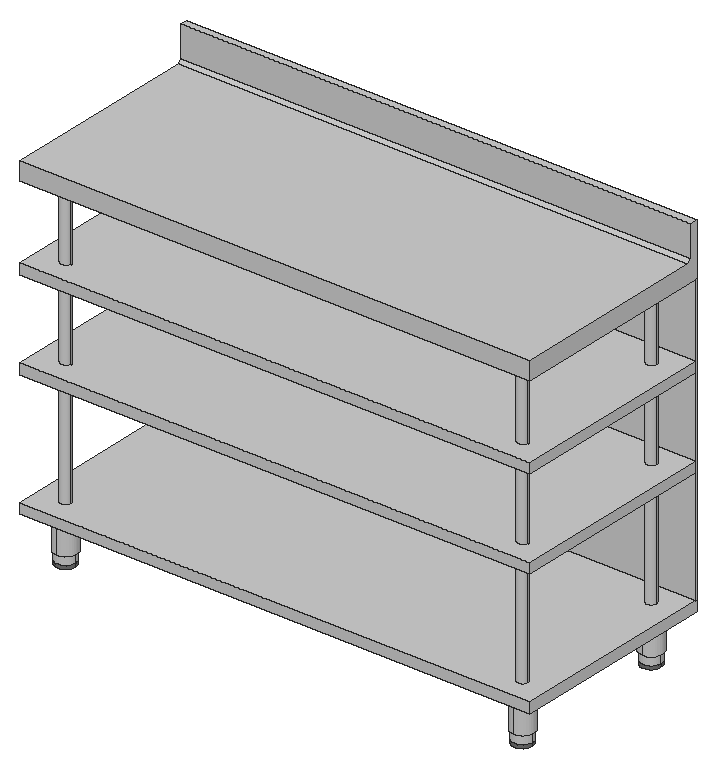
Revit family "QF_INFRICO_ME601500_250818010436", category Specialty Equipment, Revit 2021
Family settings
  Round Connector Dimension = Use Diameter
  Part Type = Normal
  OmniClass Number = 23.40.40.14
  OmniClass Title = Food Service Equipment
  Work Plane-Based = No
  Always vertical = Yes
  Cut with Voids When Loaded = No
  Shared = No
  Room Calculation Point = No
Parameters (values of type "ME601500")
  Weight [instance] = 73.00 kg
  Warranty Start Date [instance] = ""
  Warranty Duration [instance] = ""
  URL Recommended Spares List [instance] = ""
  URL Manufacturer [instance] = ""
  URL Cutsheet [instance] = ""
  URL Critical Spares List [instance] = ""
  URL = "www.infrico.com"
  Technical Documentation [instance] = ""
  Tag Number [instance] = ""
  Status [instance] = ""
  Specification by User [instance] = ""
  Specification by Manufacturer [instance] = ""
  Sound Level [instance] = ""
  Show Logo [instance] = yes
  Show Clearances [instance] = yes
  Service Life Duration [instance] = ""
  Serial Number [instance] = ""
  Seismic Rating [instance] = ""
  SMACNA No [instance] = ""
  Revision Code [instance] = ""
  Revision [instance] = ""
  Production Year [instance] = ""
  Point Load [instance] = 0
  Other Equipment Approvals [instance] = ""
  NAFEM Spec ID Number [instance] = ""
  Model Warning [instance] = ""
  Model = "ME601500"
  Masterspec [instance] = ""
  Manufacturer = "INFRICO"
  Length Actual [instance] = 1468 mm
  Item Number [instance] = ""
  Installed By [instance] = ""
  Installation Date [instance] = ""
  Identify Quantity as Lot [instance] = no
  ID [instance] = ""
  Hygiene Approval [instance] = ""
  Height Actual [instance] = 1050 mm
  Furnished By [instance] = ""
  Foodservice Equipment Identifier [instance] = no
  ETL Approved [instance] = no
  Description = "SHELF UNIT AND WORKING TABLE - ME SERIES"
  Depth Actual [instance] = 600 mm
  Default Elevation = 0 mm
  Cost = 0
  CSI MasterFormat [instance] = ""
  CE Approved [instance] = no
  Barcode [instance] = 0
  Author [instance] = ""
  Asset Identifier [instance] = ""
  Accessory [instance] = no
Reference planes
  plane 1 "Center (Front/Back)": y = 0
  plane 2: z = 0
  plane 3 "Center (Left/Right)": x = 0
Dimensions and locks
  aligned and locked: level to plane 2
Nested families
  nested 1: "QF_INFRICO_ME601500_2920" at (0, 0, 0), type "ME601500"
    with Weight 73.00 kg, Warranty Start Date "", Warranty Duration "", URL Cutsheet "", Technical Documentation "", Tag Number "", Status "", Specification by User "", Specification by Manufacturer "", Sound Level "", Solid Fuel Type "", Show Logo yes, Show Clearances yes, Show Clearance yes, Service Life Duration "", Serial Number "", Seismic Rating "", SMACNA No "", Revision Code "", Revision "", Production Year "", Point Load 0, Other Equipment Approvals "", NAFEM Spec ID Number "", Model Warning "", Masterspec "", Length Actual 1468 mm, Item Number "", Installed By "", Installation Date "", Identify Quantity as Lot yes, ID "", Hygiene Approval "", Height Actual 1050 mm, Furnished By "", Foodservice Equipment Identifier yes, ETL Approved yes, Depth Actual 600 mm, CSI MasterFormat "", CE Approved no, Barcode "", Author "", Asset Identifier "", Accessory no
  nested 2: "QF_INFRICO_WORKTOP_BACKSPLASH_3811" at (0, 0, 990), type "BKSP15_60"
    with Weight 0.00 kg, Warranty Start Date "", Warranty Duration "", URL Cutsheet "", Technical Documentation "", Tag Number "", Status "", Specification by User "", Specification by Manufacturer "", Sound Level "", Solid Fuel Type "", Show Logo yes, Show Clearances yes, Show Clearance yes, Service Life Duration "", Serial Number "", Seismic Rating "", SMACNA No "", Revision Code "", Revision "", Production Year "", Point Load 0, Other Equipment Approvals "", NAFEM Spec ID Number "", Model Warning "", Masterspec "", Length Actual 1468 mm, Item Number "", Installed By "", Installation Date "", Identify Quantity as Lot yes, ID "", Hygiene Approval "", Height Actual 150 mm, Furnished By "", Foodservice Equipment Identifier yes, ETL Approved yes, Depth Actual 600 mm, CSI MasterFormat "", CE Approved no, Barcode "", Author "", Asset Identifier "", Accessory yes
Definition of nested family "QF_INFRICO_ME601500_2920"
  Parameters (values of type "ME601500")
    Weight [instance] = 0.00 kg
    Warranty Start Date [instance] = ""
    Warranty Duration [instance] = ""
    URL Cutsheet [instance] = ""
    URL = "www.infrico.com"
    Technical Documentation [instance] = ""
    Tag Number [instance] = ""
    Status [instance] = ""
    Specification by User [instance] = ""
    Specification by Manufacturer [instance] = ""
    Sound Level [instance] = ""
    Solid Fuel Type [instance] = ""
    Show Logo [instance] = yes
    Show Clearances [instance] = yes
    Show Clearance [instance] = yes
    Service Life Duration [instance] = ""
    Serial Number [instance] = ""
    Seismic Rating [instance] = ""
    SMACNA No [instance] = ""
    Revision Code [instance] = ""
    Revision [instance] = ""
    Production Year [instance] = ""
    Point Load [instance] = 0
    Other Equipment Approvals [instance] = ""
    NAFEM Spec ID Number [instance] = ""
    Model Warning [instance] = ""
    Model = "ME601500"
    Masterspec [instance] = ""
    Manufacturer = "INFRICO"
    Length Actual [instance] = 0 mm
    Item Number [instance] = ""
    Installed By [instance] = ""
    Installation Date [instance] = ""
    Identify Quantity as Lot [instance] = yes
    ID [instance] = ""
    Hygiene Approval [instance] = ""
    Height Actual [instance] = 0 mm
    Furnished By [instance] = ""
    Foodservice Equipment Identifier [instance] = yes
    ETL Approved [instance] = yes
    Description = "SHELF UNIT AND WORKING TABLE - ME SERIES"
    Depth Actual [instance] = 0 mm
    Default Elevation = 0 mm
    CSI MasterFormat [instance] = ""
    CE Approved [instance] = yes
    Barcode [instance] = ""
    Author [instance] = ""
    Asset Identifier [instance] = ""
    Assembly Code = "E1090320"
    Accessory [instance] = yes
  Reference planes
    plane 1 "Back": y = 0
    plane 2: z = 0
    plane 3 "Left": x = 0
    plane 4 "Right": x = 1468
    plane 5 "Front": y = -600
    plane 6 "Top": z = 990
  Forms (mm)
    Extrusion 1, solid
      sketch origin (-1970.077, 409.342, 162.208) x (1, 0, 0) y (0, 1, 0)
        loop
          circle (2046.064, -477.342) r 15
      from -2.208 to 827.792
    Extrusion 2, solid
      sketch origin (-2000, 0, 130) x (0, 1, 0) y (0, 0, 1)
        loop
          line (0, 0) -> (0, 30) -> (-600, 30) -> (-600, 0) -> (0, 0)
      from 2000 to 3468
    Extrusion 3, solid
      sketch origin (-654.064, 409.342, 162.208) x (1, 0, 0) y (0, 1, 0)
        loop
          circle (2046.064, -477.342) r 15
      from -2.208 to 827.792
    Extrusion 4, solid
      sketch origin (-1970.077, -53.658, 162.208) x (1, 0, 0) y (0, 1, 0)
        loop
          circle (2046.064, -477.342) r 15
      from -2.208 to 827.792
    Extrusion 5, solid
      sketch origin (-654.064, -53.658, 162.208) x (1, 0, 0) y (0, 1, 0)
        loop
          circle (2046.064, -477.342) r 15
      from -2.208 to 827.792
    Extrusion 6, solid
      sketch origin (1144.499, 0, 130) x (0, 1, 0) y (0, 0, 1)
        loop
          line (0, 30) -> (0, 860) -> (-2, 860) -> (-2, 30) -> (0, 30)
      from -1144.499 to 323.501
    Extrusion 7, solid
      sketch origin (-123.986, 49, 130) x (0, 1, 0) y (-1, 0, 0)
        loop
          line (-530, -154.986) -> (-630, -154.986) -> (-630, -244.986) -> (-530, -244.986) -> (-530, -154.986)
      from 0 to -3
    Extrusion 8, solid
      sketch origin (-123.986, 49, 0) x (1, 0, 0) y (0, 1, 0)
        loop
          circle (199.986, -580) r 28
      from 9 to 35
    Extrusion 9, solid
      sketch origin (-123.986, 49, 0) x (1, 0, 0) y (0, 1, 0)
        loop
          circle (199.986, -580) r 28.5
      from 0 to 9
    Sweep 10, solid
      path origin (-123.986, 49, 0) x (0, 1, 0) y (0, 0, 1)
        loop
          line (-580, 35) -> (-580, 127)
      profile origin (-123.986, -531, 81) x (0, -1, 0) y (1, 0, 0)
        loop
          circle (0, 199.986) r 32
    Extrusion 11, solid
      sketch origin (-123.986, 512, 130) x (0, 1, 0) y (-1, 0, 0)
        loop
          line (-530, -154.986) -> (-630, -154.986) -> (-630, -244.986) -> (-530, -244.986) -> (-530, -154.986)
      from 0 to -3
    Extrusion 12, solid
      sketch origin (-123.986, 512, 0) x (1, 0, 0) y (0, 1, 0)
        loop
          circle (199.986, -580) r 28
      from 9 to 35
    Extrusion 13, solid
      sketch origin (-123.986, 512, 0) x (1, 0, 0) y (0, 1, 0)
        loop
          circle (199.986, -580) r 28.5
      from 0 to 9
    Sweep 14, solid
      path origin (-123.986, 512, 0) x (0, 1, 0) y (0, 0, 1)
        loop
          line (-580, 35) -> (-580, 127)
      profile origin (-123.986, -68, 81) x (0, -1, 0) y (1, 0, 0)
        loop
          circle (0, 199.986) r 32
    Extrusion 15, solid
      sketch origin (1152.027, 49, 130) x (0, 1, 0) y (-1, 0, 0)
        loop
          line (-530, -194.986) -> (-630, -194.986) -> (-630, -284.986) -> (-530, -284.986) -> (-530, -194.986)
      from 0 to -3
    Extrusion 16, solid
      sketch origin (1152.027, 49, 0) x (1, 0, 0) y (0, 1, 0)
        loop
          circle (239.986, -580) r 28
      from 9 to 35
    Extrusion 17, solid
      sketch origin (1152.027, 49, 0) x (1, 0, 0) y (0, 1, 0)
        loop
          circle (239.986, -580) r 28.5
      from 0 to 9
    Sweep 18, solid
      path origin (1592.027, 49, 0) x (0, -1, 0) y (0, 0, 1)
        loop
          line (580, 35) -> (580, 127)
      profile origin (1592.027, -531, 81) x (0, 1, 0) y (-1, 0, 0)
        loop
          circle (0, 199.986) r 32
    Extrusion 19, solid
      sketch origin (1152.027, 512, 130) x (0, 1, 0) y (-1, 0, 0)
        loop
          line (-530, -194.986) -> (-630, -194.986) -> (-630, -284.986) -> (-530, -284.986) -> (-530, -194.986)
      from 0 to -3
    Extrusion 20, solid
      sketch origin (1152.027, 512, 0) x (1, 0, 0) y (0, 1, 0)
        loop
          circle (239.986, -580) r 28
      from 9 to 35
    Extrusion 21, solid
      sketch origin (1152.027, 512, 0) x (1, 0, 0) y (0, 1, 0)
        loop
          circle (239.986, -580) r 28.5
      from 0 to 9
    Sweep 22, solid
      path origin (1592.027, 12, 0) x (0, -1, 0) y (0, 0, 1)
        loop
          line (80, 35) -> (80, 127)
      profile origin (1592.027, -68, 81) x (0, 1, 0) y (-1, 0, 0)
        loop
          circle (0, 199.986) r 32
    Extrusion 23, solid
      sketch origin (-2000, 0, 490) x (0, 1, 0) y (0, 0, 1)
        loop
          line (0, 0) -> (0, 30) -> (-600, 30) -> (-600, 0) -> (0, 0)
      from 2000 to 3468
    Extrusion 24, solid
      sketch origin (-2000, 0, 748) x (0, 1, 0) y (0, 0, 1)
        loop
          line (0, 0) -> (0, 30) -> (-600, 30) -> (-600, 0) -> (0, 0)
      from 2000 to 3468
  Lines and regions (mm)
    symbolic lines
      curve 1: line (0, 0, 0) -> (0, -600, 0)
      curve 2: line (0, -600, 0) -> (1468, -600, 0)
      curve 3: line (1468, -600, 0) -> (1468, 0, 0)
      curve 4: line (1468, 0, 0) -> (0, 0, 0)
  Dimensions and locks
    plane 3 "Left" to plane 4 "Right" = 1468 mm
    plane 1 "Back" to plane 5 "Front" = 600 mm  (x2)
    plane 4 "Right" to plane 3 "Left" = 1468 mm
    plane 6 "Top" to level = 990 mm  (x2)
    aligned and locked: level to plane 2
Definition of nested family "QF_INFRICO_WORKTOP_BACKSPLASH_3811"
  Parameters (values of type "ENC12CPMC10")
    Weight [instance] = 0.00 kg
    Warranty Start Date [instance] = ""
    Warranty Duration [instance] = ""
    URL Cutsheet [instance] = ""
    URL = "www.infrico.com"
    Technical Documentation [instance] = ""
    Tag Number [instance] = ""
    Status [instance] = ""
    Specification by User [instance] = ""
    Specification by Manufacturer [instance] = ""
    Sound Level [instance] = ""
    Solid Fuel Type [instance] = ""
    Show Logo [instance] = yes
    Show Clearances [instance] = yes
    Show Clearance [instance] = yes
    Service Life Duration [instance] = ""
    Serial Number [instance] = ""
    Seismic Rating [instance] = ""
    SMACNA No [instance] = ""
    Revision Code [instance] = ""
    Revision [instance] = ""
    Production Year [instance] = ""
    Point Load [instance] = 0
    Other Equipment Approvals [instance] = ""
    NAFEM Spec ID Number [instance] = ""
    Model Warning [instance] = ""
    Model = "ENC12CPGN19"
    Masterspec [instance] = ""
    Manufacturer = "INFRICO"
    Length Actual [instance] = 0 mm
    Length = 1000 mm
    Item Number [instance] = ""
    Installed By [instance] = ""
    Installation Date [instance] = ""
    Identify Quantity as Lot [instance] = yes
    ID [instance] = ""
    Hygiene Approval [instance] = ""
    Height Actual [instance] = 0 mm
    Furnished By [instance] = ""
    Foodservice Equipment Identifier [instance] = yes
    ETL Approved [instance] = yes
    Description = "WORKTOP WITH BACKSPLASH"
    Depth Actual [instance] = 0 mm
    Depth = 600 mm
    Default Elevation = 0 mm
    CSI MasterFormat [instance] = ""
    CE Approved [instance] = yes
    Barcode [instance] = ""
    Author [instance] = ""
    Asset Identifier [instance] = ""
    Assembly Code = "E1090320"
    Accessory [instance] = yes
  Types (30, lengths in mm): name | Model | Length | Description | Depth
    ENC12CPGN19 | "ENC12CPGN19" | 1960 | "WORKTOP WITH BACKSPLASH" | 700
    ENC12CPGN14 | "ENC12CPGN14" | 1468 | "WORKTOP WITH BACKSPLASH" | 700
    ENC12CPGN24 | "ENC12CPGN24" | 2452 | "WORKTOP WITH BACKSPLASH" | 700
    ENC12CPGN14R | "ENC12CPGN14R" | 1160 | "WORKTOP WITH BACKSPLASH" | 700
    ENC12CPGN19R | "ENC12CPGN19R" | 1652 | "WORKTOP WITH BACKSPLASH" | 700
    ENC12CPGN24R | "ENC12CPGN24R" | 2144 | "WORKTOP WITH BACKSPLASH" | 700
    ENC12CPBM20 | "ENC12CPBM20" | 1960 | "WORKTOP WITH BACKSPLASH" | 600
    ENC12CPBM15 | "ENC12CPBM15" | 1468 | "WORKTOP WITH BACKSPLASH" | 600
    ENC12CPBM25 | "ENC12CPBM25" | 2452 | "WORKTOP WITH BACKSPLASH" | 600
    ENC12CPBM15R | "ENC12CPBM15R" | 1160 | "WORKTOP WITH BACKSPLASH" | 600
    ENC12CPBM20R | "ENC12CPBM20R" | 1652 | "WORKTOP WITH BACKSPLASH" | 600
    ENC12CPBM25R | "ENC12CPBM25R" | 2144 | "WORKTOP WITH BACKSPLASH" | 600
    ENC12CPME10 | "ENC12CPME10" | 978 | "WORKTOP WITH BACKSPLASH" | 700
    ENC12CPME14 | "ENC12CPME14" | 1460 | "WORKTOP WITH BACKSPLASH" | 700
    ENC12CPMC8 | "ENC12CPGN19" | 820 | "WORKTOP WITH BACKSPLASH" | 600
    ENC12CPMC10 | "ENC12CPGN19" | 1000 | "WORKTOP WITH BACKSPLASH" | 600
    ENC12CPMC15 | "ENC12CPGN19" | 1468 | "WORKTOP WITH BACKSPLASH" | 600
    BKSP10_30 | "BKSP10_30" | 1000 | "WORKTOP WITH BACKSPLASH 1000_300" | 300
    BKSP15_60 | "BKSP15_60" | 1468 | "WORKTOP WITH BACKSPLASH 1500_600" | 600
    BKSP15_30 | "BKSP15_30" | 1468 | "WORKTOP WITH BACKSPLASH 1500_300" | 300
    BKSP20_30 | "BKSP20_30" | 1960 | "WORKTOP WITH BACKSPLASH 2000_300" | 300
    BKSP20_60 | "BKSP20_60" | 1960 | "WORKTOP WITH BACKSPLASH 2000_600" | 600
    BKSP10_60 | "BKSP10_60" | 1000 | "WORKTOP WITH BACKSPLASH 1000_600" | 600
    BKSP10_70_MT | "BKSP10_70_MT" | 1000 | "WORKTOP WITH BACKSPLASH 1000_700" | 700
    BKSP15_60_MT | "BKSP15_60_MT" | 1500 | "WORKTOP WITH BACKSPLASH 1500_600" | 600
    BKSP15_70_MT | "BKSP15_70_MT" | 1500 | "WORKTOP WITH BACKSPLASH 1500_700" | 700
    BKSP20_60_MT | "BKSP20_60_MT" | 2000 | "WORKTOP WITH BACKSPLASH 2000_600" | 600
    BKSP20_70_MT | "BKSP20_70_MT" | 2000 | "WORKTOP WITH BACKSPLASH 2000_700" | 700
    BKSP25_30 | "BKSP25_30" | 2452 | "WORKTOP WITH BACKSPLASH 2500_300" | 300
    BKSP25_60 | "BKSP25_60" | 2452 | "WORKTOP WITH BACKSPLASH 2500_600" | 600
  Reference planes
    plane 1 "Back": y = 0
    plane 2: z = 0
    plane 3 "Left": x = 0
    plane 4 "Right": x = 1000
    plane 5 "Front": y = -600
    plane 6 "Top": z = 150.03
  Forms (mm)
    Extrusion 1, solid
      sketch origin (0, 0, -660) x (0, 1, 0) y (0, 0, 1)
        loop
          line (0, 660) -> (0, 810.03) -> (-20, 810.03) -> (-20, 720.071) -> (-30.071, 710) -> (-600, 710) -> (-600, 660) -> (0, 660)
      from 0 to 1000
  Lines and regions (mm)
    symbolic lines
      curve 1: line (0, -600, 0) -> (1000, -600, 0)
      curve 2: line (0, 0, 0) -> (0, -600, 0)
      curve 3: line (1000, -600, 0) -> (1000, 0, 0)
      curve 4: line (1000, 0, 0) -> (0, 0, 0)
      curve 5: line (0, -20, 0) -> (1000, -20, 0)
  Dimensions and locks
    plane 6 "Top" to level = 150.03 mm
    plane 4 "Right" to plane 3 "Left" = 1000 mm
    "Length": plane 3 "Left" to plane 4 "Right"
    "Depth": plane 5 "Front" to plane 1 "Back"
    aligned and locked: level to plane 2
    aligned and locked: Extrusion 1 to plane 4 "Right"
  Automatic sketch dimensions
    curve 1 to plane 3 "Left" = 0 mm
    plane 1 "Back" to curve 4 = 0 mm
    curve 4 to plane 4 "Right" = 0 mm
    curve 1 to plane 5 "Front" = 0 mm
    plane 1 "Back" to curve 5 = 20 mm
    Extrusion 1 sketch curve to level = 0 mm
    Extrusion 1 sketch curve to plane 5 "Front" = 0 mm
    Extrusion 1 sketch curve to plane 6 "Top" = 0 mm
    Extrusion 1 sketch curve to plane 1 "Back" = 0 mm
    plane 1 "Back" to Extrusion 1 sketch curve = 30.071 mm
    Extrusion 1 sketch curve to Extrusion 1 sketch curve = 10.071 mm  (x2)
    level to Extrusion 1 sketch curve = 50 mm
